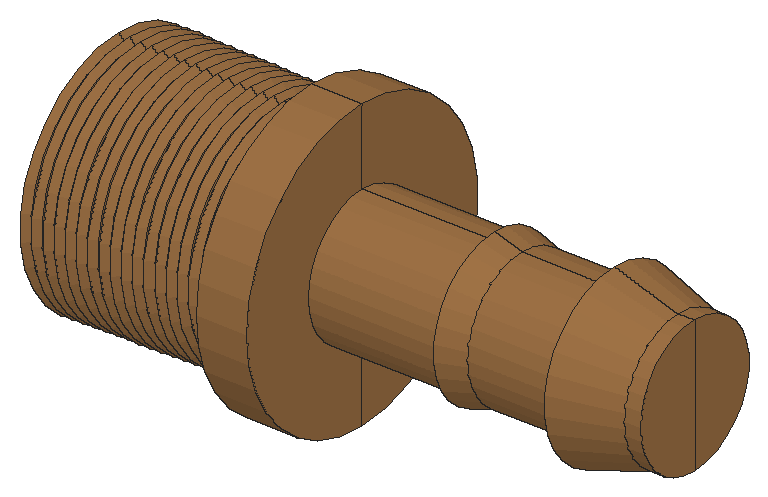
Revit family "XFF-MA-075", category Conexões de tubo, Revit 2020
Family settings
  Cota do conector redondo = Utilizar diâmetro
  Tipo de parte = Transição
  Com base no plano de trabalho = Não
  Sempre na vertical = Sim
  Corte com vazios quando carregada = Não
  Compartilhado = Não
Parameters (values of type "XFF-MA-075")
  y = 8.5 mm
  Y2 = 42.5 mm
  R1 = 9.525 mm
  Descrição = RainBird: Description  # "XFF-MA-075: 17mm Barb x 3/4” MPT Male Adapter"
  DTT5 = 26.25 mm
  DTT4 = 1 mm
  DTT3 = 12.7 mm
  DTT2 = 2 mm
  DTT1 = 3 mm
  DN2 [instance] = 19.1 mm
  URL = "www.rainbird.com"
  SupportProjetos: Review Date = ""  # constant formula
  SupportProjetos: Review = "R00"  # constant formula
  SupportProjetos: Level of Detail = "LOD 300"  # constant formula
  SupportProjetos: Developed = "MICHEL SOARES MOTA"  # constant formula
  SupportProjetos: Creation Date = "07/10/2020"  # constant formula
  RainBird: Product Link = "www.rainbird.com"
  RainBird: Description = "XFF-MA-075: 17mm Barb x 3/4” MPT Male Adapter"
  RainBird: Comment = ""
  RainBird: Code = ""
  Modelo = "XFF-MA-075"
  Type Image = (empty or 0)
  Default Elevation = 0 mm
  DN1 [instance] = 16.1 mm
  Type Comments = ""
  PVC = PVC - Franklin Electric - Preto
Reference planes
  plane 1 "Centro (Frente/Trás)": y = 0
  plane 2: z = 0
  plane 3 "Centro (Esquerda/Direita)": x = 0
Forms (mm)
  Revolve 1, solid, material "PVC - Franklin Electric - Preto" <- "PVC"
    sketch origin (0, 0, 0) x (1, 0, 0) y (0, 0, 1)
      loop
        line (0, 14.916) -> (0, 12.377) -> (-1.662, 12.377) -> (-2.216, 11.824) -> (-2.798, 12.406) -> (-3.352, 11.853) -> (-3.934, 12.435) -> (-4.512, 11.858) -> (-5.094, 12.44) -> (-5.677, 11.858) -> (-6.26, 12.44) -> (-6.813, 11.887) -> (-7.396, 12.469) -> (-7.949, 11.916) -> (-8.532, 12.498) -> (-9.086, 11.945) -> (-9.668, 12.527) -> (-10.222, 11.974) -> (-10.804, 12.556) -> (-11.382, 11.979) -> (-11.965, 12.561) -> (-12.547, 11.979) -> (-13.13, 12.561) -> (-13.683, 12.008) -> (-14.266, 12.59) -> (-14.82, 12.037) -> (-15.402, 12.619) -> (-15.956, 12.066) -> (-16.538, 12.648) -> (-17.092, 12.095) -> (-17.675, 12.677) -> (-18.252, 12.1) -> (-18.835, 12.682) -> (-19.417, 12.1) -> (-20, 12.682) -> (-20, 9.525) -> (0, 9.525) -> (0, 0) -> (39.618, 0) -> (39.618, 7) -> (37.933, 7) -> (31.329, 9.019) -> (31.329, 7) -> (21.702, 7) -> (18.914, 7.852) -> (18.914, 7) -> (5.198, 7) -> (5.198, 14.916) -> (0, 14.916)
      axis (-20, 0) -> (39.618, 0)
    angle from 0 to 360
Dimensions and locks
  "R1": Revolve 1 sketch curve to Revolve 1 sketch curve
  aligned and locked: level to plane 2
Automatic sketch dimensions
  Revolve 1 sketch curve to level = 0 mm  (x2)
  Revolve 1 sketch curve to plane 3 "Centro (Esquerda/Direita)" = 0 mm  (x2)
  Revolve 1 sketch curve to Revolve 1 sketch curve = 1.662 mm
  Revolve 1 sketch curve to Revolve 1 sketch curve = 0.554 mm  (x7)
  Revolve 1 sketch curve to Revolve 1 sketch curve = 0.583 mm  (x13)
  Revolve 1 sketch curve to Revolve 1 sketch curve = 0.578 mm  (x2)
  level to Revolve 1 sketch curve = 12.008 mm
  level to Revolve 1 sketch curve = 12.59 mm
  level to Revolve 1 sketch curve = 12.037 mm
  level to Revolve 1 sketch curve = 12.619 mm
  level to Revolve 1 sketch curve = 12.066 mm
  level to Revolve 1 sketch curve = 12.648 mm
  level to Revolve 1 sketch curve = 12.095 mm
  level to Revolve 1 sketch curve = 12.677 mm
  level to Revolve 1 sketch curve = 12.1 mm  (x2)
  level to Revolve 1 sketch curve = 12.682 mm  (x2)
  plane 3 "Centro (Esquerda/Direita)" to Revolve 1 sketch curve = 5.198 mm
  Revolve 1 sketch curve to Revolve 1 sketch curve = 13.716 mm
  level to Revolve 1 sketch curve = 7 mm  (x2)
  Revolve 1 sketch curve to Revolve 1 sketch curve = 2.789 mm
  Revolve 1 sketch curve to Revolve 1 sketch curve = 9.627 mm
  Revolve 1 sketch curve to Revolve 1 sketch curve = 6.604 mm
  Revolve 1 sketch curve to Revolve 1 sketch curve = 1.684 mm
  Revolve 1 sketch curve to Revolve 1 sketch curve = 0 mm
  Revolve 1 sketch curve to Revolve 1 sketch curve = 0.852 mm
  Revolve 1 sketch curve to Revolve 1 sketch curve = 2.019 mm
  Revolve 1 sketch curve to Revolve 1 sketch curve = 2.538 mm
  Revolve 1 sketch curve to Revolve 1 sketch curve = 32.5 mm
  Revolve 1 sketch curve to Revolve 1 sketch curve = 19.458 mm
Connectors
  piping at (5, 0, 0), diameter 16.1, driven by "DN1"
    settings: on Revolve 1, index 1, connector inside diameter 609.6 mm, connector length 0 mm, flow factor 0, pipe flow 0.0 L/s, pressure drop 0.0 Pa, fitting loss kfactor 0, connector angle 0.00°, fixture units 0, engagement length 0 mm, angle of deflection 0.00°, flow configuration 0, flow direction 0, fitting loss method 0, system type 28, joint type 0, gender type 0, connector reference index 2, connector utility 0, adjustable connector no, is connector primary yes, connector description ""
  piping at (0, 0, 0), diameter 19.1, driven by "DN2"
    settings: on Revolve 1, index 2, connector inside diameter 609.6 mm, connector length 0 mm, flow factor 0, pipe flow 0.0 L/s, pressure drop 0.0 Pa, fitting loss kfactor 0, connector angle 0.00°, fixture units 0, engagement length 0 mm, angle of deflection 0.00°, flow configuration 0, flow direction 0, fitting loss method 0, system type 28, joint type 0, gender type 0, connector reference index 1, connector utility 0, adjustable connector no, is connector primary no, connector description ""
